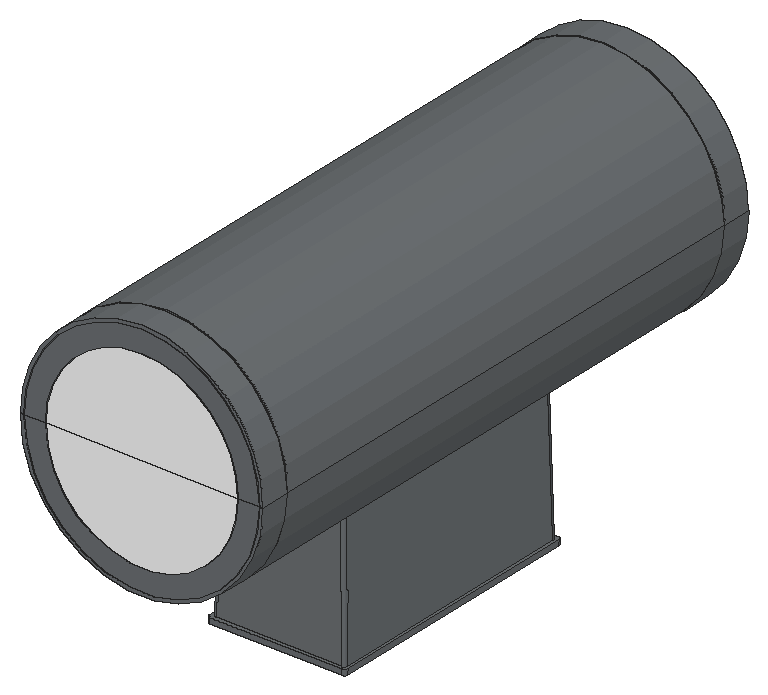
Revit family "Thorn CESAR AMP WALL", category Lighting Fixtures, host Face, Revit 2023
Family settings
  Host = Face
  Round Connector Dimension = Use Diameter
  Part Type = Normal
  Cut with Voids When Loaded = Yes
  Light Source = No
  Maintain Annotation Orientation = No
  Shared = No
  Room Calculation Point = Yes
Parameters (values of type "CESAR AMP M DWN 1L927MB HF ANT")
  Wattage = 18.6 W
  Up and Down = no
  URL = "https://www.thornlighting.com/96700073"
  Type Light Source Up = Thorn-Light Source-Cesar-Amp-Wall : CESAR AMP M DWN 1L927MB HF ANT_photometric_data
  Type Light Source Down = Thorn-Light Source-Cesar-Amp-Wall : CESAR AMP M DWN 1L927MB HF ANT_photometric_data
  Type Image = TLG_CESA_F_AMP_DWN_WB_ANT.jpg
  Type IFC Predefined Type = "DIRECTIONSOURCE"
  Power Factor = 1
  Model = "96700073"
  Material = Thorn-Aluminium-RAL 7016-Anthracite Grey
  Manufacturer = "Thorn Lighting"  # constant formula
  Luminaire Width = if(Housing S, 90 mm, if(Housing M, 140 mm, if(Housing L, 200 mm, 90 mm)))  # 140 mm
  Luminaire Length = if(Housing S, Luminaire Width + 55 mm, if(Housing M, Luminaire Width + 70 mm, if(Housing L, Luminaire Width + 75 mm, Luminaire Width + 55 mm)))  # 210 mm
  Luminaire Height = if(Housing S, 250 mm, if(Housing M, 350 mm, if(Housing L, 450 mm, 165 mm)))  # 350 mm
  Lamp = "LED"  # constant formula
  Housing S = no
  Housing M = yes
  Housing L = no
  R = 36 mm
  Export Type to IFC As = "IfcLightFixtureType"
  E = if(Housing S, 12 mm, if(Housing M, 17 mm, if(Housing L, 22 mm, 9 mm)))  # 17 mm
  Description = "Outdoor Wall Mounted Luminaire"  # constant formula
  Default Elevation = 1000 mm  # constant formula
  D = Luminaire Width / 2  # 70 mm
  Assembly Code = "Pr_70_70_48_17"
  Apparent Load = Wattage / Power Factor  # 18.6 VA
Reference planes
  plane 1 "Center (Front/Back)": y = 0
  plane 2: z = 0
  plane 3 "Center (Left/Right)": x = 0
  plane 4: x = -70
  plane 5: x = 70
  plane 6: y = 175
  plane 7: y = -175
  plane 8: z = 210
  plane 9: z = 140
Lines and regions (mm)
  Filled region 1, type "White"
    outline origin (0, 0, 0) x (1, 0, 0) y (0, 1, 0)
      loop
        line (-70, 175) -> (-70, -175) -> (70, -175) -> (70, 175) -> (-70, 175)
  model lines, style "InvisibleLines"
    curve 1: line (-275, 0, 0) -> (275, 0, 0)
    curve 2: line (0, 380, 0) -> (0, -380, 0)
  symbolic lines, visible <- "Up and Down"
    curve 3: line (70, 158, 0) -> (-70, 158, 0)
  symbolic lines
    curve 4: line (70, -158, 0) -> (-70, -158, 0)
Dimensions and locks
  equal spacing: plane 4, plane 3 "Center (Left/Right)", plane 5
  "Luminaire Width": plane 4 to plane 5
  equal spacing: plane 7, plane 1 "Center (Front/Back)", plane 6
  "Luminaire Height": plane 7 to plane 6
  "Luminaire Length": plane 8 to level
  "D": plane 8 to plane 9
  "E": plane 6 to curve 3
  "E": plane 7 to curve 4
  aligned and locked: plane 2 to host face
  aligned and locked: level to host face
  aligned and locked: plane 1 "Center (Front/Back)" to curve 1
  aligned and locked: curve 2 to plane 3 "Center (Left/Right)"
  aligned and locked: plane 3 "Center (Left/Right)" to nested 1
  aligned and locked: plane 1 "Center (Front/Back)" to nested 1
  aligned and locked: nested 3 to plane 9  (x2)
  aligned and locked: nested 2 to plane 9
  aligned and locked: plane 3 "Center (Left/Right)" to nested 2
  aligned and locked: nested 3 to plane 6
  aligned and locked: plane 9 to nested 3
  aligned and locked: plane 3 "Center (Left/Right)" to nested 3
  aligned and locked: nested 3 to plane 3 "Center (Left/Right)"
  aligned and locked: plane 7 to nested 2
  aligned and locked: Filled region 1 sketch curve to plane 6
  aligned and locked: plane 4 to Filled region 1 sketch curve
  aligned and locked: Filled region 1 sketch curve to plane 7
  aligned and locked: plane 5 to Filled region 1 sketch curve
Automatic sketch dimensions
  host sketch curve to host sketch curve = 2438.4 mm  (x2)
  curve 3 to plane 4 = 0 mm
  curve 4 to plane 4 = 0 mm
  curve 4 to plane 5 = 0 mm
  curve 3 to plane 5 = 0 mm
  curve 1 to plane 4 = 205 mm
  curve 1 to plane 5 = 205 mm
  plane 7 to curve 2 = 205 mm
  plane 6 to curve 2 = 205 mm
Nested families
  nested 1: "Thorn-Parts-CESAR AMP WALL-Housing" at (0, 0, 0), Up and Down <- "Up and Down", Material Housing <- "Material", Housing S <- "Housing S", Housing M <- "Housing M", Housing L <- "Housing L", type "00"
    with Up and Down no, Product ID Suffix "", Product ID "", NOT Up and Down yes, Material Housing Thorn-Aluminium-RAL 7016-Anthracite Grey, Housing S no, Housing M yes, Housing L no, H 140 mm, G 80 mm, F 156 mm, E 14.5 mm, D 17 mm, C 350 mm, B 140 mm, A 140 mm
  nested 2: "Thorn-Light Source-Cesar-Amp-Wall" at (0, -175, 140), type <- "Type Light Source Down", type "CESAR AMP M DWN 1L927MB HF ANT_photometric_data"
    with Reflector Direction Line Offset 600 mm, Light Distribution Offset 600 mm
  nested 3: "Thorn-Light Source-Cesar-Amp-Wall" at (0, 175, 140), type <- "Type Light Source Up", visible <- "Up and Down", type "CESAR AMP M DWN 1L927MB HF ANT_photometric_data"
    with Reflector Direction Line Offset 600 mm, Light Distribution Offset 600 mm
Connectors
  electrical at (0, 0, 0), driven by "Apparent Load", driven by "Power Factor"
    settings: index 1, voltage 230 V, apparent load 18.6 VA, apparent load phase1 0 VA, apparent load phase2 0 VA, apparent load phase3 0 VA, power factor 1, load classification "Lighting", number of poles 1, system type 30, power factor state 1, is connector primary yes, connector utility no, sub classification motor no, connector description ""
Definition of nested family "Thorn-Parts-CESAR AMP WALL-Housing"
  Parameters (values of type "00")
    Up and Down [instance] = yes
    Type IFC Predefined Type = "NOTDEFINED"
    Product ID Suffix [instance] = ""
    Product ID [instance] = ""
    NOT Up and Down [instance] = not(Up and Down)  # no
    Housing S [instance] = yes
    Material Housing [instance] = none
    Manufacturer = "Thorn Lighting"  # constant formula
    Housing M [instance] = no
    Housing L [instance] = no
    H [instance] = if(Housing S, B / 2 + 55 mm, if(Housing M, B / 2 + 70 mm, if(Housing L, B / 2 + 75 mm, B / 2 + 55 mm)))  # 100 mm
    G [instance] = if(Housing S, 75 mm, if(Housing M, 80 mm, if(Housing L, 97 mm, 75 mm)))  # 75 mm
    F [instance] = if(Housing S, 140 mm, if(Housing M, 156 mm, if(Housing L, 161 mm, 140 mm)))  # 140 mm
    Export Type to IFC As = "IfcLightFixtureType"
    E [instance] = if(Housing S, 9 mm, if(Housing M, 14.5 mm, if(Housing L, 20 mm, 9 mm)))  # 9 mm
    Default Elevation = 0 mm  # constant formula
    D [instance] = if(Housing S, 12 mm, if(Housing M, 17 mm, if(Housing L, 22 mm, 12 mm)))  # 12 mm
    C [instance] = if(Housing S, 250 mm, if(Housing M, 350 mm, if(Housing L, 450 mm, 165 mm)))  # 250 mm
    B [instance] = if(Housing S, 90 mm, if(Housing M, 140 mm, if(Housing L, 200 mm, 90 mm)))  # 90 mm
    A [instance] = B  # 90 mm
  Reference planes
    plane 1 "Center (Front/Back)": y = 0
    plane 2: z = 0
    plane 3 "Center (Left/Right)": x = 0
    plane 4: x = -45
    plane 5: x = 45
    plane 6: y = -125
    plane 7: z = 100
    plane 8: y = -113
    plane 9: x = -43
    plane 10: x = -36
    plane 11: y = 125
    plane 12: y = 113
    plane 13: y = 70
    plane 14: y = -70
    plane 15: x = -37.5
    plane 16: x = 37.5
    plane 17: x = -35.5
    plane 18: x = 35.5
    plane 19: y = 68
    plane 20: y = -68
  Forms (mm)
    Revolve 1, solid, material <- "Material Housing"
      sketch origin (0, 899.918, 100) x (-1, 0, 0) y (0, 1, 0)
        loop
          line (44, -1012.918) -> (44, -1011.918) -> (45, -1011.918) -> (45, -787.918) -> (44, -787.918) -> (44, -786.918) -> (42.974, -786.918) -> (42.974, -1012.918) -> (44, -1012.918)
        axis (0, -786.918) -> (0, -1012.918)
      angle from 0 to 360
    Revolve 2, solid, material <- "Material Housing", visible <- "NOT Up and Down"
      sketch origin (0, 899.918, 100) x (-1, 0, 0) y (0, 1, 0)
        loop
          line (0, -786.918) -> (45, -786.918) -> (45, -774.918) -> (0, -774.918) -> (0, -786.918)
        axis (0, -774.918) -> (0, -786.918)
      angle from 0 to 360
    Revolve 3, solid, material <- "Material Housing"
      sketch origin (0, 899.918, 100) x (-1, 0, 0) y (0, 1, 0)
        loop
          line (43, -1012.918) -> (43, -1024.918) -> (45, -1024.918) -> (45, -1012.918) -> (43, -1012.918)
        axis (0, -1012.918) -> (0, -1024.918)
      angle from 0 to 360
    Revolve 4, solid, material <- "Material Housing"
      sketch origin (0, 899.918, 100) x (-1, 0, 0) y (0, 1, 0)
        loop
          line (43, -1022.918) -> (36, -1022.918) -> (36, -1024.918) -> (43, -1024.918) -> (43, -1022.918)
        axis (0, -1022.918) -> (0, -1024.918)
      angle from 0 to 360
    Revolve 5, solid
      sketch origin (0, 899.918, 100) x (-1, 0, 0) y (0, 1, 0)
        loop
          line (0, -1022.918) -> (0, -1024.918) -> (36, -1024.918) -> (36, -1022.918) -> (0, -1022.918)
        axis (0, -1022.918) -> (0, -1024.918)
      angle from 0 to 360
    Revolve 6, solid, material <- "Material Housing", visible <- "Up and Down"
      sketch origin (0, 899.918, 100) x (-1, 0, 0) y (0, 1, 0)
        loop
          line (43, -786.918) -> (45, -786.918) -> (45, -774.918) -> (43, -774.918) -> (43, -786.918)
        axis (0, -786.918) -> (0, -774.918)
      angle from 0 to 360
    Revolve 7, solid, material <- "Material Housing", visible <- "Up and Down"
      sketch origin (0, 899.918, 100) x (-1, 0, 0) y (0, 1, 0)
        loop
          line (43, -776.918) -> (43, -774.918) -> (36, -774.918) -> (36, -776.918) -> (43, -776.918)
        axis (0, -776.918) -> (0, -774.918)
      angle from 0 to 360
    Revolve 8, solid, visible <- "Up and Down"
      sketch origin (0, 899.918, 100) x (-1, 0, 0) y (0, 1, 0)
        loop
          line (0, -776.918) -> (36, -776.918) -> (36, -774.918) -> (0, -774.918) -> (0, -776.918)
        axis (0, -776.918) -> (0, -774.918)
      angle from 0 to 360
    Blend 9, solid, material <- "Material Housing"
      base sketch origin (0, 0, 0) x (1, 0, 0) y (0, 1, 0)
        loop
          arc (-35.5, -66) -> (-34.914, -67.414) -> (-33.5, -68) r 2
          line (-33.5, -68) -> (33.5, -68)
          arc (33.5, -68) -> (34.914, -67.414) -> (35.5, -66) r 2
          line (35.5, -66) -> (35.5, 66)
          arc (35.5, 66) -> (34.914, 67.414) -> (33.5, 68) r 2
          line (33.5, 68) -> (-33.5, 68)
          arc (-33.5, 68) -> (-34.914, 67.414) -> (-35.5, 66) r 2
          line (-35.5, 66) -> (-35.5, -66)
      top sketch origin (0, 0, 0) x (1, 0, 0) y (0, 1, 0)
        loop
          line (-32.5, 63) -> (-32.5, -63)
          arc (-32.5, -63) -> (-31.914, -64.414) -> (-30.5, -65) r 2
          line (-30.5, -65) -> (30.5, -65)
          arc (30.5, -65) -> (31.914, -64.414) -> (32.5, -63) r 2
          line (32.5, -63) -> (32.5, 63)
          arc (32.5, 63) -> (31.914, 64.414) -> (30.5, 65) r 2
          line (30.5, 65) -> (-30.5, 65)
          arc (-30.5, 65) -> (-31.914, 64.414) -> (-32.5, 63) r 2
      from 3 to 100
    Extrusion 10, solid, material <- "Material Housing"
      sketch origin (0, 0, 0) x (1, 0, 0) y (0, 1, 0)
        loop
          arc (-35.5, 70) -> (-36.914, 69.414) -> (-37.5, 68) r 2
          line (-37.5, 68) -> (-37.5, -68)
          arc (-37.5, -68) -> (-36.914, -69.414) -> (-35.5, -70) r 2
          line (-35.5, -70) -> (35.5, -70)
          arc (35.5, -70) -> (36.914, -69.414) -> (37.5, -68) r 2
          line (37.5, -68) -> (37.5, 68)
          arc (37.5, 68) -> (36.914, 69.414) -> (35.5, 70) r 2
          line (35.5, 70) -> (-35.5, 70)
      from 0 to 3
  Cuts and joins
    joined: Revolve 1, Blend 9
  Dimensions and locks
    equal spacing: plane 4, plane 3 "Center (Left/Right)", plane 5
    "B": plane 4 to plane 5
    "D": plane 8 to plane 6
    locked: plane 4 to plane 9 at 2
    "E": plane 4 to plane 10
    "D": plane 11 to plane 12
    equal spacing: plane 11, plane 1 "Center (Front/Back)", plane 6
    "C": plane 11 to plane 6
    equal spacing: plane 14, plane 1 "Center (Front/Back)", plane 13
    "F": plane 14 to plane 13
    "H": plane 7 to level
    locked: plane 14 to plane 20 at 2
    locked: plane 13 to plane 19 at 2
    equal spacing: plane 15, plane 3 "Center (Left/Right)", plane 16
    "G": plane 15 to plane 16
    locked: plane 15 to plane 17 at 2
    locked: plane 18 to plane 16 at 2
    aligned and locked: level to plane 2
    aligned and locked: plane 8 to Revolve 1 sketch curve
    aligned and locked: Revolve 1 sketch curve to plane 3 "Center (Left/Right)"
    aligned and locked: Revolve 3 sketch curve to plane 4
    aligned and locked: plane 4 to Revolve 2 sketch curve
    aligned and locked: plane 9 to Revolve 3 sketch curve
    aligned and locked: plane 9 to Revolve 4 sketch curve
    aligned and locked: Revolve 4 sketch curve to plane 10
    aligned and locked: Revolve 5 sketch curve to Revolve 5 sketch curve
    aligned and locked: Revolve 5 sketch curve to plane 10
    aligned and locked: plane 11 to Revolve 2 sketch curve
    aligned and locked: plane 12 to Revolve 2 sketch curve
    aligned and locked: plane 12 to Revolve 1 sketch curve
    aligned and locked: Revolve 8 sketch curve to Revolve 8 sketch curve
    aligned and locked: plane 12 to Revolve 6 sketch curve
    aligned and locked: plane 11 to Revolve 6 sketch curve
    aligned and locked: plane 4 to Revolve 6 sketch curve
    aligned and locked: Revolve 6 sketch curve to plane 9
    aligned and locked: Revolve 7 sketch curve to plane 9
    aligned and locked: plane 10 to Revolve 7 sketch curve
    aligned and locked: plane 10 to Revolve 8 sketch curve
    aligned and locked: Revolve 8 sketch curve to plane 3 "Center (Left/Right)"
    aligned and locked: Blend 9 sketch curve to plane 17
    aligned and locked: Blend 9 sketch curve to plane 19
    aligned and locked: plane 18 to Blend 9 sketch curve
    aligned and locked: plane 20 to Blend 9 sketch curve
    aligned and locked: Blend 9 to plane 7
    aligned and locked: Extrusion 10 sketch curve to plane 13
    aligned and locked: Extrusion 10 sketch curve to plane 15
    aligned and locked: Extrusion 10 sketch curve to plane 14
    aligned and locked: Extrusion 10 sketch curve to plane 16
  Automatic sketch dimensions
    Revolve 1 sketch curve to plane 4 = 0 mm
    Revolve 1 sketch curve to plane 9 = 0.026 mm
    Revolve 1 sketch curve to plane 4 = 1 mm
    Revolve 1 sketch curve to Revolve 1 sketch curve = 1 mm  (x2)
    plane 12 to Revolve 1 sketch curve = 1 mm
    plane 6 to Revolve 1 sketch curve = 1835 mm
    plane 11 to Revolve 1 sketch curve = 1917.5 mm
    Revolve 2 sketch curve to plane 3 "Center (Left/Right)" = 0 mm  (x2)
    plane 6 to Revolve 2 sketch curve = 1835 mm
    Revolve 2 sketch curve to Revolve 2 sketch curve = 1917.5 mm
    Revolve 3 sketch curve to plane 3 "Center (Left/Right)" = 0 mm
    Revolve 3 sketch curve to plane 6 = 0 mm
    Revolve 3 sketch curve to plane 8 = 0 mm
    plane 6 to Revolve 3 sketch curve = 1835 mm
    plane 11 to Revolve 3 sketch curve = 1917.5 mm
    Revolve 4 sketch curve to plane 3 "Center (Left/Right)" = 0 mm
    Revolve 4 sketch curve to plane 6 = 0 mm
    Revolve 4 sketch curve to plane 6 = 2 mm
    plane 6 to Revolve 4 sketch curve = 1835 mm
    plane 11 to Revolve 4 sketch curve = 1917.5 mm
    Revolve 5 sketch curve to plane 3 "Center (Left/Right)" = 0 mm
    Revolve 5 sketch curve to plane 6 = 0 mm
    Revolve 5 sketch curve to plane 6 = 2 mm
    Revolve 5 sketch curve to Revolve 5 sketch curve = 1835 mm
    plane 11 to Revolve 5 sketch curve = 1917.5 mm
    Revolve 6 sketch curve to plane 3 "Center (Left/Right)" = 0 mm
    plane 6 to Revolve 6 sketch curve = 1917.5 mm
    plane 11 to Revolve 6 sketch curve = 1835 mm
    Revolve 7 sketch curve to plane 3 "Center (Left/Right)" = 0 mm
    plane 11 to Revolve 7 sketch curve = 0 mm
    Revolve 7 sketch curve to plane 11 = 2 mm
    plane 6 to Revolve 7 sketch curve = 1917.5 mm
    plane 11 to Revolve 7 sketch curve = 1835 mm
    plane 11 to Revolve 8 sketch curve = 0 mm
    Revolve 8 sketch curve to plane 11 = 2 mm
    plane 6 to Revolve 8 sketch curve = 1917.5 mm
    Revolve 8 sketch curve to Revolve 8 sketch curve = 1835 mm
    Blend 9 sketch curve to Blend 9 sketch curve = 2 mm  (x4)
    Blend 9 sketch curve to plane 17 = 2 mm
    Blend 9 sketch curve to plane 18 = 2 mm
    Blend 9 sketch curve to plane 17 = 3 mm
    Blend 9 sketch curve to plane 19 = 3 mm
    Blend 9 sketch curve to plane 17 = 5 mm
    Blend 9 sketch curve to plane 18 = 5 mm  (x2)
    Blend 9 sketch curve to plane 20 = 5 mm
    Extrusion 10 sketch curve to plane 17 = 0 mm  (x2)
    Extrusion 10 sketch curve to plane 18 = 0 mm  (x2)
Definition of nested family "Thorn-Light Source-Cesar-Amp-Wall"
  Parameters (values of type "CESAR AMP L U/D 2L927FM HFX ANT_photometric_data_UP")
    URL = "/"
    Type Comments = "/"
    Reflector Direction Line Offset [instance] = 600 mm
    Model = "96700121"
    Light Distribution Offset [instance] = 600 mm
    Wattage = 68.8 W
    built-in parameter 1150110 = 1 (stored number, unit not read)
    built-in parameter 1114217 = 1 (stored number, unit not read)
    Tilt Angle = -90.00°  # constant formula
    built-in parameter 1150109 = 1 (stored number, unit not read)
    built-in parameter 1150134 = (empty or 0)
    built-in parameter 1150113 = 1 (stored number, unit not read)
    Power Factor = 1
    Photometric Web File = "96700121_(STD)_Up.IES"
    Manufacturer = "Thorn Lighting"  # constant formula
    Lumens = 4820 lm
    built-in parameter 1150115 = 1 (stored number, unit not read)
    built-in parameter 1150105 = 167.21 (stored number, unit not read)
    built-in parameter 1150137 = (empty or 0)
    built-in parameter 1150139 = (empty or 0)
    built-in parameter 1150112 = 1 (stored number, unit not read)
    built-in parameter 1150114 = 1 (stored number, unit not read)
    Lamp = "LED"
    Keynote = "/"
    built-in parameter 1150132 = 2
    built-in parameter 1150102 = (empty or 0)
    built-in parameter 1150138 = (empty or 0)
    built-in parameter 1150107 = 2700 (stored number, unit not read)
    built-in parameter 1150106 = 1.6721 (stored number, unit not read)
    built-in parameter 1150104 = 6.5032 (stored number, unit not read)
    Dimming Lamp Color Temperature Shift = (empty or 0)
    Description = "Light Source"  # constant formula
    Default Elevation = 0 mm  # constant formula
    Color Filter = 16777215
    built-in parameter 1114218 = 1 (stored number, unit not read)
    built-in parameter 1150133 = 10 (stored number, unit not read)
    Apparent Load = 21.25 VA
  Types (180, lengths in mm): name | Model | Wattage | Photometric Web File | Lumens | built-in parameter 1150107 | built-in parameter 1150104
    CESAR AMP S DWN 1 L927 WB RD WH_photometric_data | "96701186" | 8.8 W | "96701186_(STD).IES" | 430 lm | 2700 (stored number, unit not read) | 4.5522 (stored number, unit not read)
    CESAR AMP S DWN 1L927WB HF ANT_photometric_data | "96700037" | 8.8 W | "96700037_(STD).IES" | 430 lm | 2700 (stored number, unit not read) | 4.5522 (stored number, unit not read)
    CESAR AMP S DWN 1L927WB HF BK_photometric_data | "96700035" | 8.8 W | "96700035_(STD).IES" | 430 lm | 2700 (stored number, unit not read) | 4.5522 (stored number, unit not read)
    CESAR AMP S DWN 1L927WB HF GY_photometric_data | "96700036" | 8.8 W | "96700036_(STD).IES" | 430 lm | 2700 (stored number, unit not read) | 4.5522 (stored number, unit not read)
    CESAR AMP S DWN 1L927WB RD ANT_photometric_data | "96701189" | 8.8 W | "96701189_(STD).IES" | 430 lm | 2700 (stored number, unit not read) | 4.5522 (stored number, unit not read)
    CESAR AMP S DWN 1L927WB RD BK_photometric_data | "96701187" | 8.8 W | "96701187_(STD).IES" | 430 lm | 2700 (stored number, unit not read) | 4.5522 (stored number, unit not read)
    CESAR AMP S DWN 1L927WB RD GY_photometric_data | "96701188" | 8.8 W | "96701188_(STD).IES" | 430 lm | 2700 (stored number, unit not read) | 4.5522 (stored number, unit not read)
    CESAR AMP S DWN 1L927WBHF WH_photometric_data | "96700034" | 8.8 W | "96700034_(STD).IES" | 430 lm | 2700 (stored number, unit not read) | 4.5522 (stored number, unit not read)
    CESAR AMP S DWN 1L930WB HF ANT_photometric_data | "96700045" | 8.8 W | "96700045_(STD).IES" | 452 lm | 3000 (stored number, unit not read) | 4.7381 (stored number, unit not read)
    CESAR AMP S DWN 1L930WB HF BK_photometric_data | "96700043" | 8.8 W | "96700043_(STD).IES" | 452 lm | 3000 (stored number, unit not read) | 4.7381 (stored number, unit not read)
    CESAR AMP S DWN 1L930WB HF GY_photometric_data | "96700044" | 8.8 W | "96700044_(STD).IES" | 452 lm | 3000 (stored number, unit not read) | 4.7381 (stored number, unit not read)
    CESAR AMP S DWN 1L930WB HF WH_photometric_data | "96700042" | 8.8 W | "96700042_(STD).IES" | 452 lm | 3000 (stored number, unit not read) | 4.7381 (stored number, unit not read)
    CESAR AMP S DWN 1L930WB RD ANT_photometric_data | "96701197" | 8.8 W | "96701197_(STD).IES" | 452 lm | 3000 (stored number, unit not read) | 4.7381 (stored number, unit not read)
    CESAR AMP S DWN 1L930WB RD BK_photometric_data | "96701195" | 8.8 W | "96701195_(STD).IES" | 452 lm | 3000 (stored number, unit not read) | 4.7381 (stored number, unit not read)
    CESAR AMP S DWN 1L930WB RD GY_photometric_data | "96701196" | 8.8 W | "96701196_(STD).IES" | 452 lm | 3000 (stored number, unit not read) | 4.7381 (stored number, unit not read)
    CESAR AMP S DWN 1L930WB RD WH_photometric_data | "96701194" | 8.8 W | "96701194_(STD).IES" | 452 lm | 3000 (stored number, unit not read) | 4.7381 (stored number, unit not read)
    CESAR AMP S DWN 1L940WB HF ANT_photometric_data | "96700041" | 8.8 W | "96700041_(STD).IES" | 483 lm | 4000 (stored number, unit not read) | 5.1097 (stored number, unit not read)
    CESAR AMP S DWN 1L940WB HF BK_photometric_data | "96700039" | 8.8 W | "96700039_(STD).IES" | 483 lm | 4000 (stored number, unit not read) | 5.1097 (stored number, unit not read)
    CESAR AMP S DWN 1L940WB HF GY_photometric_data | "96700040" | 8.8 W | "96700040_(STD).IES" | 483 lm | 4000 (stored number, unit not read) | 5.1097 (stored number, unit not read)
    CESAR AMP S DWN 1L940WB HF WH_photometric_data | "96700038" | 8.8 W | "96700038_(STD).IES" | 483 lm | 4000 (stored number, unit not read) | 5.1097 (stored number, unit not read)
    CESAR AMP S DWN 1L940WB RD ANT_photometric_data | "96701193" | 8.8 W | "96701193_(STD).IES" | 483 lm | 4000 (stored number, unit not read) | 5.1097 (stored number, unit not read)
    CESAR AMP S DWN 1L940WB RD BK_photometric_data | "96701191" | 8.8 W | "96701191_(STD).IES" | 483 lm | 4000 (stored number, unit not read) | 5.1097 (stored number, unit not read)
    CESAR AMP S DWN 1L940WB RD GY_photometric_data | "96701192" | 8.8 W | "96701192_(STD).IES" | 483 lm | 4000 (stored number, unit not read) | 5.1097 (stored number, unit not read)
    CESAR AMP S DWN 1L940WB RD WH_photometric_data | "96701190" | 8.8 W | "96701190_(STD).IES" | 483 lm | 4000 (stored number, unit not read) | 5.1097 (stored number, unit not read)
    CESAR AMP S U/D 2L927WB HF ANT_photometric_data_UP | "96700049" | 15.3 W | "96700049_(STD)_Up.IES" | 860 lm | 2700 (stored number, unit not read) | 5.2026 (stored number, unit not read)
    CESAR AMP S U/D 2L927WB HF ANT_photometric_data_DOWN | "96700049" | 15.3 W | "96700049_(STD)_Down.IES" | 860 lm | 2700 (stored number, unit not read) | 5.2026 (stored number, unit not read)
    CESAR AMP S U/D 2L927WB HF BK_photometric_data_UP | "96700047" | 15.3 W | "96700047_(STD)_Up.IES" | 860 lm | 2700 (stored number, unit not read) | 5.2026 (stored number, unit not read)
    CESAR AMP S U/D 2L927WB HF BK_photometric_data_DOWN | "96700047" | 15.3 W | "96700047_(STD)_Down.IES" | 860 lm | 2700 (stored number, unit not read) | 5.2026 (stored number, unit not read)
    CESAR AMP S U/D 2L927WB HF GY_photometric_data_UP | "96700048" | 15.3 W | "96700048_(STD)_Up.IES" | 860 lm | 2700 (stored number, unit not read) | 5.2026 (stored number, unit not read)
    CESAR AMP S U/D 2L927WB HF GY_photometric_data_DOWN | "96700048" | 15.3 W | "96700048_(STD)_Down.IES" | 860 lm | 2700 (stored number, unit not read) | 5.2026 (stored number, unit not read)
    CESAR AMP S U/D 2L927WB HF WH_photometric_data_UP | "96700046" | 15.3 W | "96700046_(STD)_Up.IES" | 860 lm | 2700 (stored number, unit not read) | 5.2026 (stored number, unit not read)
    CESAR AMP S U/D 2L927WB HF WH_photometric_data_DOWN | "96700046" | 15.3 W | "96700046_(STD)_Down.IES" | 860 lm | 2700 (stored number, unit not read) | 5.2026 (stored number, unit not read)
    CESAR AMP S U/D 2L927WB RD ANT_photometric_data_UP | "96701201" | 15.3 W | "96701201_(STD)_Up.IES" | 860 lm | 2700 (stored number, unit not read) | 5.2026 (stored number, unit not read)
    CESAR AMP S U/D 2L927WB RD ANT_photometric_data_DOWN | "96701201" | 15.3 W | "96701201_(STD)_Down.IES" | 860 lm | 2700 (stored number, unit not read) | 5.2026 (stored number, unit not read)
    CESAR AMP S U/D 2L927WB RD BK_photometric_data_UP | "96701199" | 15.3 W | "96701199_(STD)_Up.IES" | 860 lm | 2700 (stored number, unit not read) | 5.2026 (stored number, unit not read)
    CESAR AMP S U/D 2L927WB RD BK_photometric_data_DOWN | "96701199" | 15.3 W | "96701199_(STD)_Down.IES" | 860 lm | 2700 (stored number, unit not read) | 5.2026 (stored number, unit not read)
    CESAR AMP S U/D 2L927WB RD GY_photometric_data_UP | "96701200" | 15.3 W | "96701200_(STD)_Up.IES" | 860 lm | 2700 (stored number, unit not read) | 5.2026 (stored number, unit not read)
    CESAR AMP S U/D 2L927WB RD GY_photometric_data_DOWN | "96701200" | 15.3 W | "96701200_(STD)_Down.IES" | 860 lm | 2700 (stored number, unit not read) | 5.2026 (stored number, unit not read)
    CESAR AMP S U/D 2L927WB RD WH_photometric_data_UP | "96701198" | 15.3 W | "96701198_(STD)_Up.IES" | 860 lm | 2700 (stored number, unit not read) | 5.2026 (stored number, unit not read)
    CESAR AMP S U/D 2L927WB RD WH_photometric_data_DOWN | "96701198" | 15.3 W | "96701198_(STD)_Down.IES" | 860 lm | 2700 (stored number, unit not read) | 5.2026 (stored number, unit not read)
    CESAR AMP S U/D 2L930WB HF ANT_photometric_data_UP | "96700057" | 15.3 W | "96700057_(STD)_Up.IES" | 904 lm | 3000 (stored number, unit not read) | 5.4813 (stored number, unit not read)
    CESAR AMP S U/D 2L930WB HF ANT_photometric_data_DOWN | "96700057" | 15.3 W | "96700057_(STD)_Down.IES" | 904 lm | 3000 (stored number, unit not read) | 5.4813 (stored number, unit not read)
    CESAR AMP S U/D 2L930WB HF BK_photometric_data_UP | "96700055" | 15.3 W | "96700055_(STD)_Up.IES" | 904 lm | 3000 (stored number, unit not read) | 5.4813 (stored number, unit not read)
    CESAR AMP S U/D 2L930WB HF BK_photometric_data_DOWN | "96700055" | 15.3 W | "96700055_(STD)_Down.IES" | 904 lm | 3000 (stored number, unit not read) | 5.4813 (stored number, unit not read)
    CESAR AMP S U/D 2L930WB HF GY_photometric_data_UP | "96700056" | 15.3 W | "96700056_(STD)_Up.IES" | 904 lm | 3000 (stored number, unit not read) | 5.4813 (stored number, unit not read)
    CESAR AMP S U/D 2L930WB HF GY_photometric_data_DOWN | "96700056" | 15.3 W | "96700056_(STD)_Down.IES" | 904 lm | 3000 (stored number, unit not read) | 5.4813 (stored number, unit not read)
    CESAR AMP S U/D 2L930WB HF WH_photometric_data_UP | "96700054" | 15.3 W | "96700054_(STD)_Up.IES" | 904 lm | 3000 (stored number, unit not read) | 5.4813 (stored number, unit not read)
    CESAR AMP S U/D 2L930WB HF WH_photometric_data_DOWN | "96700054" | 15.3 W | "96700054_(STD)_Down.IES" | 904 lm | 3000 (stored number, unit not read) | 5.4813 (stored number, unit not read)
    CESAR AMP S U/D 2L930WB RD ANT_photometric_data_UP | "96701209" | 15.3 W | "96701209_(STD)_Up.IES" | 904 lm | 3000 (stored number, unit not read) | 5.4813 (stored number, unit not read)
    CESAR AMP S U/D 2L930WB RD ANT_photometric_data_DOWN | "96701209" | 15.3 W | "96701209_(STD)_Down.IES" | 904 lm | 3000 (stored number, unit not read) | 5.4813 (stored number, unit not read)
    CESAR AMP S U/D 2L930WB RD BK_photometric_data_UP | "96701207" | 15.3 W | "96701207_(STD)_Up.IES" | 904 lm | 3000 (stored number, unit not read) | 5.4813 (stored number, unit not read)
    CESAR AMP S U/D 2L930WB RD BK_photometric_data_DOWN | "96701207" | 15.3 W | "96701207_(STD)_Down.IES" | 904 lm | 3000 (stored number, unit not read) | 5.4813 (stored number, unit not read)
    CESAR AMP S U/D 2L930WB RD GY_photometric_data_UP | "96701208" | 15.3 W | "96701208_(STD)_Up.IES" | 904 lm | 3000 (stored number, unit not read) | 5.4813 (stored number, unit not read)
    CESAR AMP S U/D 2L930WB RD GY_photometric_data_DOWN | "96701208" | 15.3 W | "96701208_(STD)_Down.IES" | 904 lm | 3000 (stored number, unit not read) | 5.4813 (stored number, unit not read)
    CESAR AMP S U/D 2L930WB RD WH_photometric_data_UP | "96701206" | 15.3 W | "96701206_(STD)_Up.IES" | 904 lm | 3000 (stored number, unit not read) | 5.4813 (stored number, unit not read)
    CESAR AMP S U/D 2L930WB RD WH_photometric_data_DOWN | "96701206" | 15.3 W | "96701206_(STD)_Down.IES" | 904 lm | 3000 (stored number, unit not read) | 5.4813 (stored number, unit not read)
    CESAR AMP S U/D 2L940WB HF ANT_photometric_data_UP | "96700053" | 15.3 W | "96700053_(STD)_Up.IES" | 966 lm | 4000 (stored number, unit not read) | 5.8529 (stored number, unit not read)
    CESAR AMP S U/D 2L940WB HF ANT_photometric_data_DOWN | "96700053" | 15.3 W | "96700053_(STD)_Down.IES" | 966 lm | 4000 (stored number, unit not read) | 5.8529 (stored number, unit not read)
    CESAR AMP S U/D 2L940WB HF BK_photometric_data_UP | "96700051" | 15.3 W | "96700051_(STD)_Up.IES" | 966 lm | 4000 (stored number, unit not read) | 5.8529 (stored number, unit not read)
    CESAR AMP S U/D 2L940WB HF BK_photometric_data_DOWN | "96700051" | 15.3 W | "96700051_(STD)_Down.IES" | 966 lm | 4000 (stored number, unit not read) | 5.8529 (stored number, unit not read)
    CESAR AMP S U/D 2L940WB HF GY_photometric_data_UP | "96700052" | 15.3 W | "96700052_(STD)_Up.IES" | 966 lm | 4000 (stored number, unit not read) | 5.8529 (stored number, unit not read)
    CESAR AMP S U/D 2L940WB HF GY_photometric_data_DOWN | "96700052" | 15.3 W | "96700052_(STD)_Down.IES" | 966 lm | 4000 (stored number, unit not read) | 5.8529 (stored number, unit not read)
    CESAR AMP S U/D 2L940WB HF WH_photometric_data_UP | "96700050" | 15.3 W | "96700050_(STD)_Up.IES" | 966 lm | 4000 (stored number, unit not read) | 5.8529 (stored number, unit not read)
    CESAR AMP S U/D 2L940WB HF WH_photometric_data_DOWN | "96700050" | 15.3 W | "96700050_(STD)_Down.IES" | 966 lm | 4000 (stored number, unit not read) | 5.8529 (stored number, unit not read)
    CESAR AMP S U/D 2L940WB RD ANT_photometric_data_UP | "96701205" | 15.3 W | "96701205_(STD)_Up.IES" | 966 lm | 4000 (stored number, unit not read) | 5.8529 (stored number, unit not read)
    CESAR AMP S U/D 2L940WB RD ANT_photometric_data_DOWN | "96701205" | 15.3 W | "96701205_(STD)_Down.IES" | 966 lm | 4000 (stored number, unit not read) | 5.8529 (stored number, unit not read)
    CESAR AMP S U/D 2L940WB RD BK_photometric_data_UP | "96701203" | 15.3 W | "96701203_(STD)_Up.IES" | 966 lm | 4000 (stored number, unit not read) | 5.8529 (stored number, unit not read)
    CESAR AMP S U/D 2L940WB RD BK_photometric_data_DOWN | "96701203" | 15.3 W | "96701203_(STD)_Down.IES" | 966 lm | 4000 (stored number, unit not read) | 5.8529 (stored number, unit not read)
    CESAR AMP S U/D 2L940WB RD GY_photometric_data_UP | "96701204" | 15.3 W | "96701204_(STD)_Up.IES" | 966 lm | 4000 (stored number, unit not read) | 5.8529 (stored number, unit not read)
    CESAR AMP S U/D 2L940WB RD GY_photometric_data_DOWN | "96701204" | 15.3 W | "96701204_(STD)_Down.IES" | 966 lm | 4000 (stored number, unit not read) | 5.8529 (stored number, unit not read)
    CESAR AMP S U/D 2L940WB RD WH_photometric_data_UP | "96701202" | 15.3 W | "96701202_(STD)_Up.IES" | 966 lm | 4000 (stored number, unit not read) | 5.8529 (stored number, unit not read)
    CESAR AMP S U/D 2L940WB RD WH_photometric_data_DOWN | "96701202" | 15.3 W | "96701202_(STD)_Down.IES" | 966 lm | 4000 (stored number, unit not read) | 5.8529 (stored number, unit not read)
    CESAR AMP M DWN 1L927MB HF ANT_photometric_data | "96700073" | 18.6 W | "96700073_(STD).IES" | 1142 lm | 2700 (stored number, unit not read) | 5.6671 (stored number, unit not read)
    CESAR AMP M DWN 1L927MB HF BK_photometric_data | "96700071" | 18.6 W | "96700071_(STD).IES" | 1142 lm | 2700 (stored number, unit not read) | 5.6671 (stored number, unit not read)
    CESAR AMP M DWN 1L927MB HF GY_photometric_data | "96700072" | 18.6 W | "96700072_(STD).IES" | 1142 lm | 2700 (stored number, unit not read) | 5.6671 (stored number, unit not read)
    CESAR AMP M DWN 1L927MB HF WH_photometric_data | "96700070" | 18.6 W | "96700070_(STD).IES" | 1142 lm | 2700 (stored number, unit not read) | 5.6671 (stored number, unit not read)
    CESAR AMP M DWN 1L927MB RD ANT_photometric_data | "96701225" | 18.6 W | "96701225_(STD).IES" | 1142 lm | 2700 (stored number, unit not read) | 5.6671 (stored number, unit not read)
    CESAR AMP M DWN 1L927MB RD BK_photometric_data | "96701223" | 18.6 W | "96701223_(STD).IES" | 1142 lm | 2700 (stored number, unit not read) | 5.6671 (stored number, unit not read)
    CESAR AMP M DWN 1L927MB RD GY_photometric_data | "96701224" | 18.6 W | "96701224_(STD).IES" | 1142 lm | 2700 (stored number, unit not read) | 5.6671 (stored number, unit not read)
    CESAR AMP M DWN 1L927MB RD WH_photometric_data | "96701222" | 18.6 W | "96701222_(STD).IES" | 1142 lm | 2700 (stored number, unit not read) | 5.6671 (stored number, unit not read)
    CESAR AMP M DWN 1L930MB HF ANT_photometric_data | "96700081" | 18.6 W | "96700081_(STD).IES" | 1203 lm | 3000 (stored number, unit not read) | 6.0387 (stored number, unit not read)
    CESAR AMP M DWN 1L930MB HF BK_photometric_data | "96700079" | 18.6 W | "96700079_(STD).IES" | 1203 lm | 3000 (stored number, unit not read) | 6.0387 (stored number, unit not read)
    CESAR AMP M DWN 1L930MB HF GY_photometric_data | "96700080" | 18.6 W | "96700080_(STD).IES" | 1203 lm | 3000 (stored number, unit not read) | 6.0387 (stored number, unit not read)
    CESAR AMP M DWN 1L930MB HF WH_photometric_data | "96700078" | 18.6 W | "96700078_(STD).IES" | 1203 lm | 3000 (stored number, unit not read) | 6.0387 (stored number, unit not read)
    CESAR AMP M DWN 1L930MB RD ANT_photometric_data | "96701233" | 18.6 W | "96701233_(STD).IES" | 1203 lm | 3000 (stored number, unit not read) | 6.0387 (stored number, unit not read)
    CESAR AMP M DWN 1L930MB RD BK_photometric_data | "96701231" | 18.6 W | "96701231_(STD).IES" | 1203 lm | 3000 (stored number, unit not read) | 6.0387 (stored number, unit not read)
    CESAR AMP M DWN 1L930MB RD GY_photometric_data | "96701232" | 18.6 W | "96701232_(STD).IES" | 1203 lm | 3000 (stored number, unit not read) | 6.0387 (stored number, unit not read)
    CESAR AMP M DWN 1L930MB RD WH_photometric_data | "96701230" | 18.6 W | "96701230_(STD).IES" | 1203 lm | 3000 (stored number, unit not read) | 6.0387 (stored number, unit not read)
    CESAR AMP M DWN 1L940MB HF ANT_photometric_data | "96700077" | 18.6 W | "96700077_(STD).IES" | 1238 lm | 4000 (stored number, unit not read) | 6.2245 (stored number, unit not read)
    CESAR AMP M DWN 1L940MB HF BK_photometric_data | "96700075" | 18.6 W | "96700075_(STD).IES" | 1238 lm | 4000 (stored number, unit not read) | 6.2245 (stored number, unit not read)
    CESAR AMP M DWN 1L940MB HF GY_photometric_data | "96700076" | 18.6 W | "96700076_(STD).IES" | 1238 lm | 4000 (stored number, unit not read) | 6.2245 (stored number, unit not read)
    CESAR AMP M DWN 1L940MB HF WH_photometric_data | "96700074" | 18.6 W | "96700074_(STD).IES" | 1238 lm | 4000 (stored number, unit not read) | 6.2245 (stored number, unit not read)
    CESAR AMP M DWN 1L940MB RD ANT_photometric_data | "96701229" | 18.6 W | "96701229_(STD).IES" | 1238 lm | 4000 (stored number, unit not read) | 6.2245 (stored number, unit not read)
    CESAR AMP M DWN 1L940MB RD BK_photometric_data | "96701227" | 18.6 W | "96701227_(STD).IES" | 1238 lm | 4000 (stored number, unit not read) | 6.2245 (stored number, unit not read)
    CESAR AMP M DWN 1L940MB RD GY_photometric_data | "96701228" | 18.6 W | "96701228_(STD).IES" | 1238 lm | 4000 (stored number, unit not read) | 6.2245 (stored number, unit not read)
    CESAR AMP M DWN 1L940MB RD WH_photometric_data | "96701226" | 18.6 W | "96701226_(STD).IES" | 1238 lm | 4000 (stored number, unit not read) | 6.2245 (stored number, unit not read)
    CESAR AMP M U/D 2L927MB HF ANT_photometric_data_UP | "96700085" | 37 W | "96700085_(STD)_Up.IES" | 2284 lm | 2700 (stored number, unit not read) | 5.76 (stored number, unit not read)
    CESAR AMP M U/D 2L927MB HF ANT_photometric_data_DOWN | "96700085" | 37 W | "96700085_(STD)_Down.IES" | 2284 lm | 2700 (stored number, unit not read) | 5.76 (stored number, unit not read)
    CESAR AMP M U/D 2L927MB HF BK_photometric_data_UP | "96700083" | 37 W | "96700083_(STD)_Up.IES" | 2284 lm | 2700 (stored number, unit not read) | 5.76 (stored number, unit not read)
    CESAR AMP M U/D 2L927MB HF BK_photometric_data_DOWN | "96700083" | 37 W | "96700083_(STD)_Down.IES" | 2284 lm | 2700 (stored number, unit not read) | 5.76 (stored number, unit not read)
    CESAR AMP M U/D 2L927MB HF GY_photometric_data_UP | "96700084" | 37 W | "96700084_(STD)_Up.IES" | 2284 lm | 2700 (stored number, unit not read) | 5.76 (stored number, unit not read)
    CESAR AMP M U/D 2L927MB HF GY_photometric_data_DOWN | "96700084" | 37 W | "96700084_(STD)_Down.IES" | 2284 lm | 2700 (stored number, unit not read) | 5.76 (stored number, unit not read)
    CESAR AMP M U/D 2L927MB HF WH_photometric_data_UP | "96700082" | 37 W | "96700082_(STD)_Up.IES" | 2284 lm | 2700 (stored number, unit not read) | 5.76 (stored number, unit not read)
    CESAR AMP M U/D 2L927MB HF WH_photometric_data_DOWN | "96700082" | 37 W | "96700082_(STD)_Down.IES" | 2284 lm | 2700 (stored number, unit not read) | 5.76 (stored number, unit not read)
    CESAR AMP M U/D 2L927MB RD ANT_photometric_data_UP | "96701237" | 37 W | "96701237_(STD)_Up.IES" | 2284 lm | 2700 (stored number, unit not read) | 5.76 (stored number, unit not read)
    CESAR AMP M U/D 2L927MB RD ANT_photometric_data_DOWN | "96701237" | 37 W | "96701237_(STD)_Down.IES" | 2284 lm | 2700 (stored number, unit not read) | 5.76 (stored number, unit not read)
    CESAR AMP M U/D 2L927MB RD BK_photometric_data_UP | "96701235" | 37 W | "96701235_(STD)_Up.IES" | 2284 lm | 2700 (stored number, unit not read) | 5.76 (stored number, unit not read)
    CESAR AMP M U/D 2L927MB RD BK_photometric_data_DOWN | "96701235" | 37 W | "96701235_(STD)_Down.IES" | 2284 lm | 2700 (stored number, unit not read) | 5.76 (stored number, unit not read)
    CESAR AMP M U/D 2L927MB RD GY_photometric_data_UP | "96701236" | 37 W | "96701236_(STD)_Up.IES" | 2284 lm | 2700 (stored number, unit not read) | 5.76 (stored number, unit not read)
    CESAR AMP M U/D 2L927MB RD GY_photometric_data_DOWN | "96701236" | 37 W | "96701236_(STD)_Down.IES" | 2284 lm | 2700 (stored number, unit not read) | 5.76 (stored number, unit not read)
    CESAR AMP M U/D 2L927MB RD WH_photometric_data_UP | "96701234" | 37 W | "96701234_(STD)_Up.IES" | 2284 lm | 2700 (stored number, unit not read) | 5.76 (stored number, unit not read)
    CESAR AMP M U/D 2L927MB RD WH_photometric_data_DOWN | "96701234" | 37 W | "96701234_(STD)_Down.IES" | 2284 lm | 2700 (stored number, unit not read) | 5.76 (stored number, unit not read)
    CESAR AMP M U/D 2L930MB HF ANT_photometric_data_UP | "96700093" | 37 W | "96700093_(STD)_Up.IES" | 2404 lm | 3000 (stored number, unit not read) | 6.0387 (stored number, unit not read)
    CESAR AMP M U/D 2L930MB HF ANT_photometric_data_DOWN | "96700093" | 37 W | "96700093_(STD)_Down.IES" | 2404 lm | 3000 (stored number, unit not read) | 6.0387 (stored number, unit not read)
    CESAR AMP M U/D 2L930MB HF BK_photometric_data_UP | "96700091" | 37 W | "96700091_(STD)_Up.IES" | 2404 lm | 3000 (stored number, unit not read) | 6.0387 (stored number, unit not read)
    CESAR AMP M U/D 2L930MB HF BK_photometric_data_DOWN | "96700091" | 37 W | "96700091_(STD)_Down.IES" | 2404 lm | 3000 (stored number, unit not read) | 6.0387 (stored number, unit not read)
    CESAR AMP M U/D 2L930MB HF GY_photometric_data_UP | "96700092" | 37 W | "96700092_(STD)_Up.IES" | 2404 lm | 3000 (stored number, unit not read) | 6.0387 (stored number, unit not read)
    CESAR AMP M U/D 2L930MB HF GY_photometric_data_DOWN | "96700092" | 37 W | "96700092_(STD)_Down.IES" | 2404 lm | 3000 (stored number, unit not read) | 6.0387 (stored number, unit not read)
    CESAR AMP M U/D 2L930MB HF WH_photometric_data_UP | "96700090" | 37 W | "96700090_(STD)_Up.IES" | 2404 lm | 3000 (stored number, unit not read) | 6.0387 (stored number, unit not read)
    CESAR AMP M U/D 2L930MB HF WH_photometric_data_DOWN | "96700090" | 37 W | "96700090_(STD)_Down.IES" | 2404 lm | 3000 (stored number, unit not read) | 6.0387 (stored number, unit not read)
    CESAR AMP M U/D 2L930MB RD ANT_photometric_data_UP | "96701245" | 37 W | "96701245_(STD)_Up.IES" | 2404 lm | 3000 (stored number, unit not read) | 6.0387 (stored number, unit not read)
    CESAR AMP M U/D 2L930MB RD ANT_photometric_data_DOWN | "96701245" | 37 W | "96701245_(STD)_Down.IES" | 2404 lm | 3000 (stored number, unit not read) | 6.0387 (stored number, unit not read)
    CESAR AMP M U/D 2L930MB RD BK_photometric_data_UP | "96701243" | 37 W | "96701243_(STD)_Up.IES" | 2404 lm | 3000 (stored number, unit not read) | 6.0387 (stored number, unit not read)
    CESAR AMP M U/D 2L930MB RD BK_photometric_data_DOWN | "96701243" | 37 W | "96701243_(STD)_Down.IES" | 2404 lm | 3000 (stored number, unit not read) | 6.0387 (stored number, unit not read)
    CESAR AMP M U/D 2L930MB RD GY_photometric_data_UP | "96701244" | 37 W | "96701244_(STD)_Up.IES" | 2404 lm | 3000 (stored number, unit not read) | 6.0387 (stored number, unit not read)
    CESAR AMP M U/D 2L930MB RD GY_photometric_data_DOWN | "96701244" | 37 W | "96701244_(STD)_Down.IES" | 2404 lm | 3000 (stored number, unit not read) | 6.0387 (stored number, unit not read)
    CESAR AMP M U/D 2L930MB RD WH_photometric_data_UP | "96701242" | 37 W | "96701242_(STD)_Up.IES" | 2404 lm | 3000 (stored number, unit not read) | 6.0387 (stored number, unit not read)
    CESAR AMP M U/D 2L930MB RD WH_photometric_data_DOWN | "96701242" | 37 W | "96701242_(STD)_Down.IES" | 2404 lm | 3000 (stored number, unit not read) | 6.0387 (stored number, unit not read)
    CESAR AMP M U/D 2L940MB HF ANT_photometric_data_UP | "96700089" | 37 W | "96700089_(STD)_Up.IES" | 2473 lm | 4000 (stored number, unit not read) | 6.2245 (stored number, unit not read)
    CESAR AMP M U/D 2L940MB HF ANT_photometric_data_DOWN | "96700089" | 37 W | "96700089_(STD)_Down.IES" | 2473 lm | 4000 (stored number, unit not read) | 6.2245 (stored number, unit not read)
    CESAR AMP M U/D 2L940MB HF BK_photometric_data_UP | "96700087" | 37 W | "96700087_(STD)_Up.IES" | 2473 lm | 4000 (stored number, unit not read) | 6.2245 (stored number, unit not read)
    CESAR AMP M U/D 2L940MB HF BK_photometric_data_DOWN | "96700087" | 37 W | "96700087_(STD)_Down.IES" | 2473 lm | 4000 (stored number, unit not read) | 6.2245 (stored number, unit not read)
    CESAR AMP M U/D 2L940MB HF GY_photometric_data_UP | "96700088" | 37 W | "96700088_(STD)_Up.IES" | 2473 lm | 4000 (stored number, unit not read) | 6.2245 (stored number, unit not read)
    CESAR AMP M U/D 2L940MB HF GY_photometric_data_DOWN | "96700088" | 37 W | "96700088_(STD)_Down.IES" | 2473 lm | 4000 (stored number, unit not read) | 6.2245 (stored number, unit not read)
    CESAR AMP M U/D 2L940MB HF WH_photometric_data_UP | "96700086" | 37 W | "96700086_(STD)_Up.IES" | 2473 lm | 4000 (stored number, unit not read) | 6.2245 (stored number, unit not read)
    CESAR AMP M U/D 2L940MB HF WH_photometric_data_DOWN | "96700086" | 37 W | "96700086_(STD)_Down.IES" | 2473 lm | 4000 (stored number, unit not read) | 6.2245 (stored number, unit not read)
    CESAR AMP M U/D 2L940MB RD ANT_photometric_data_UP | "96701241" | 37 W | "96701241_(STD)_Up.IES" | 2473 lm | 4000 (stored number, unit not read) | 6.2245 (stored number, unit not read)
    CESAR AMP M U/D 2L940MB RD ANT_photometric_data_DOWN | "96701241" | 37 W | "96701241_(STD)_Down.IES" | 2473 lm | 4000 (stored number, unit not read) | 6.2245 (stored number, unit not read)
    CESAR AMP M U/D 2L940MB RD BK_photometric_data_UP | "96701239" | 37 W | "96701239_(STD)_Up.IES" | 2473 lm | 4000 (stored number, unit not read) | 6.2245 (stored number, unit not read)
    CESAR AMP M U/D 2L940MB RD BK_photometric_data_DOWN | "96701239" | 37 W | "96701239_(STD)_Down.IES" | 2473 lm | 4000 (stored number, unit not read) | 6.2245 (stored number, unit not read)
    CESAR AMP M U/D 2L940MB RD GY_photometric_data_UP | "96701240" | 37 W | "96701240_(STD)_Up.IES" | 2473 lm | 4000 (stored number, unit not read) | 6.2245 (stored number, unit not read)
    CESAR AMP M U/D 2L940MB RD GY_photometric_data_DOWN | "96701240" | 37 W | "96701240_(STD)_Down.IES" | 2473 lm | 4000 (stored number, unit not read) | 6.2245 (stored number, unit not read)
    CESAR AMP M U/D 2L940MB RD WH_photometric_data_UP | "96701238" | 37 W | "96701238_(STD)_Up.IES" | 2473 lm | 4000 (stored number, unit not read) | 6.2245 (stored number, unit not read)
    CESAR AMP M U/D 2L940MB RD WH_photometric_data_DOWN | "96701238" | 37 W | "96701238_(STD)_Down.IES" | 2473 lm | 4000 (stored number, unit not read) | 6.2245 (stored number, unit not read)
    CESAR AMP L DWN 1L927MB HFX BK_photometric_data | "96700107" | 34.4 W | "96700107_(STD).IES" | 2400 lm | 2700 (stored number, unit not read) | 6.5032 (stored number, unit not read)
    CESAR AMP L DWN 1L927MB HFX WH_photometric_data | "96700106" | 34.4 W | "96700106_(STD).IES" | 2400 lm | 2700 (stored number, unit not read) | 6.5032 (stored number, unit not read)
    CESAR AMP L DWN 1L927MBHFX ANT_photometric_data | "96700109" | 34.4 W | "96700109_(STD).IES" | 2400 lm | 2700 (stored number, unit not read) | 6.5032 (stored number, unit not read)
    CESAR AMP L DWN 1L927MBHFX GY_photometric_data | "96700108" | 34.4 W | "96700108_(STD).IES" | 2400 lm | 2700 (stored number, unit not read) | 6.5032 (stored number, unit not read)
    CESAR AMP L DWN 1L930MBHFX ANT_photometric_data | "96700117" | 34.4 W | "96700117_(STD).IES" | 2537 lm | 3000 (stored number, unit not read) | 6.8748 (stored number, unit not read)
    CESAR AMP L DWN 1L930MBHFX BK_photometric_data | "96700115" | 34.4 W | "96700115_(STD).IES" | 2537 lm | 3000 (stored number, unit not read) | 6.8748 (stored number, unit not read)
    CESAR AMP L DWN 1L930MBHFX GY_photometric_data | "96700116" | 34.4 W | "96700116_(STD).IES" | 2537 lm | 3000 (stored number, unit not read) | 6.8748 (stored number, unit not read)
    CESAR AMP L DWN 1L930MBHFX WH_photometric_data | "96700114" | 34.4 W | "96700114_(STD).IES" | 2537 lm | 3000 (stored number, unit not read) | 6.8748 (stored number, unit not read)
    CESAR AMP L DWN 1L940MBHFX ANT_photometric_data | "96700113" | 34.4 W | "96700113_(STD).IES" | 2611 lm | 4000 (stored number, unit not read) | 7.0606 (stored number, unit not read)
    CESAR AMP L DWN 1L940MBHFX BK_photometric_data | "96700111" | 34.4 W | "96700111_(STD).IES" | 2611 lm | 4000 (stored number, unit not read) | 7.0606 (stored number, unit not read)
    CESAR AMP L DWN 1L940MBHFX GY_photometric_data | "96700112" | 34.4 W | "96700112_(STD).IES" | 2611 lm | 4000 (stored number, unit not read) | 7.0606 (stored number, unit not read)
    CESAR AMP L DWN 1L940MBHFX WH_photometric_data | "96700110" | 34.4 W | "96700110_(STD).IES" | 2611 lm | 4000 (stored number, unit not read) | 7.0606 (stored number, unit not read)
    CESAR AMP L U/D 2L927FM HFX ANT_photometric_data_UP | "96700121" | 68.8 W | "96700121_(STD)_Up.IES" | 4820 lm | 2700 (stored number, unit not read) | 6.5032 (stored number, unit not read)
    CESAR AMP L U/D 2L927FM HFX ANT_photometric_data_DOWN | "96700121" | 68.8 W | "96700121_(STD)_Down.IES" | 4820 lm | 2700 (stored number, unit not read) | 6.5032 (stored number, unit not read)
    CESAR AMP L U/D 2L927FM HFX BK_photometric_data_UP | "96700119" | 68.8 W | "96700119_(STD)_Up.IES" | 4820 lm | 2700 (stored number, unit not read) | 6.5032 (stored number, unit not read)
    CESAR AMP L U/D 2L927FM HFX BK_photometric_data_DOWN | "96700119" | 68.8 W | "96700119_(STD)_Down.IES" | 4820 lm | 2700 (stored number, unit not read) | 6.5032 (stored number, unit not read)
    CESAR AMP L U/D 2L927FM HFX GY_photometric_data_UP | "96700120" | 68.8 W | "96700120_(STD)_Up.IES" | 4820 lm | 2700 (stored number, unit not read) | 6.5032 (stored number, unit not read)
    CESAR AMP L U/D 2L927FM HFX GY_photometric_data_DOWN | "96700120" | 68.8 W | "96700120_(STD)_Down.IES" | 4820 lm | 2700 (stored number, unit not read) | 6.5032 (stored number, unit not read)
    CESAR AMP L U/D 2L927FM HFX WH_photometric_data_UP | "96700118" | 68.8 W | "96700118_(STD)_Up.IES" | 4820 lm | 2700 (stored number, unit not read) | 6.5032 (stored number, unit not read)
    CESAR AMP L U/D 2L927FM HFX WH_photometric_data_DOWN | "96700118" | 68.8 W | "96700118_(STD)_Down.IES" | 4820 lm | 2700 (stored number, unit not read) | 6.5032 (stored number, unit not read)
    CESAR AMP L U/D 2L930FM HFX ANT_photometric_data_UP | "96700129" | 68.8 W | "96700129_(STD)_Up.IES" | 5069 lm | 3000 (stored number, unit not read) | 6.8748 (stored number, unit not read)
    CESAR AMP L U/D 2L930FM HFX ANT_photometric_data_DOWN | "96700129" | 68.8 W | "96700129_(STD)_Down.IES" | 5069 lm | 3000 (stored number, unit not read) | 6.8748 (stored number, unit not read)
    CESAR AMP L U/D 2L930FM HFX BK_photometric_data_UP | "96700127" | 68.8 W | "96700127_(STD)_Up.IES" | 5069 lm | 3000 (stored number, unit not read) | 6.8748 (stored number, unit not read)
    CESAR AMP L U/D 2L930FM HFX BK_photometric_data_DOWN | "96700127" | 68.8 W | "96700127_(STD)_Down.IES" | 5069 lm | 3000 (stored number, unit not read) | 6.8748 (stored number, unit not read)
    CESAR AMP L U/D 2L930FM HFX GY_photometric_data_UP | "96700128" | 68.8 W | "96700128_(STD)_Up.IES" | 5069 lm | 3000 (stored number, unit not read) | 6.8748 (stored number, unit not read)
    CESAR AMP L U/D 2L930FM HFX GY_photometric_data_DOWN | "96700128" | 68.8 W | "96700128_(STD)_Down.IES" | 5069 lm | 3000 (stored number, unit not read) | 6.8748 (stored number, unit not read)
    CESAR AMP L U/D 2L930FM HFX WH_photometric_data_UP | "96700126" | 68.8 W | "96700126_(STD)_Up.IES" | 5069 lm | 3000 (stored number, unit not read) | 6.8748 (stored number, unit not read)
    CESAR AMP L U/D 2L930FM HFX WH_photometric_data_DOWN | "96700126" | 68.8 W | "96700126_(STD)_Down.IES" | 5069 lm | 3000 (stored number, unit not read) | 6.8748 (stored number, unit not read)
    CESAR AMP L U/D 2L940FM HFX ANT_photometric_data_UP | "96700125" | 68.8 W | "96700125_(STD)_Up.IES" | 5216 lm | 4000 (stored number, unit not read) | 7.0606 (stored number, unit not read)
    CESAR AMP L U/D 2L940FM HFX ANT_photometric_data_DOWN | "96700125" | 68.8 W | "96700125_(STD)_Down.IES" | 5216 lm | 4000 (stored number, unit not read) | 7.0606 (stored number, unit not read)
    CESAR AMP L U/D 2L940FM HFX BK_photometric_data_UP | "96700123" | 68.8 W | "96700123_(STD)_Up.IES" | 5216 lm | 4000 (stored number, unit not read) | 7.0606 (stored number, unit not read)
    CESAR AMP L U/D 2L940FM HFX BK_photometric_data_DOWN | "96700123" | 68.8 W | "96700123_(STD)_Down.IES" | 5216 lm | 4000 (stored number, unit not read) | 7.0606 (stored number, unit not read)
    CESAR AMP L U/D 2L940FM HFX GY_photometric_data_UP | "96700124" | 68.8 W | "96700124_(STD)_Up.IES" | 5216 lm | 4000 (stored number, unit not read) | 7.0606 (stored number, unit not read)
    CESAR AMP L U/D 2L940FM HFX GY_photometric_data_DOWN | "96700124" | 68.8 W | "96700124_(STD)_Down.IES" | 5216 lm | 4000 (stored number, unit not read) | 7.0606 (stored number, unit not read)
    CESAR AMP L U/D 2L940FM HFX WH_photometric_data_UP | "96700122" | 68.8 W | "96700122_(STD)_Up.IES" | 5216 lm | 4000 (stored number, unit not read) | 7.0606 (stored number, unit not read)
    CESAR AMP L U/D 2L940FM HFX WH_photometric_data_DOWN | "96700122" | 68.8 W | "96700122_(STD)_Down.IES" | 5216 lm | 4000 (stored number, unit not read) | 7.0606 (stored number, unit not read)
  Reference planes
    plane 1 "Light Source Axis (F/B)": y = 0
    plane 2: z = 0
    plane 3 "Light Source Axis (L/R)": x = 0
    plane 4 "Light Source Elevation": z = 0
  Lines and regions (mm)
    model lines
      curve 1: line (0, 0, -10) -> (0, 0, 10)
      curve 2: line (0, 0, 0) -> (0, 10, 0)
      curve 3: line (0, 0, 0) -> (10, 0, 0)
      curve 4: line (0, 0, 0) -> (0, -10, 0)
      curve 5: line (0, 0, 0) -> (-10, 0, 0)
  Dimensions and locks
    aligned and locked: level to plane 2
    aligned and locked: plane 4 "Light Source Elevation" to plane 2
    aligned and locked: curve 5 to plane 1 "Light Source Axis (F/B)"
    aligned and locked: plane 1 "Light Source Axis (F/B)" to curve 3
    aligned and locked: curve 4 to plane 3 "Light Source Axis (L/R)"
Types (120, lengths in mm): name | Wattage | Up and Down | URL | Type Light Source Up | Type Light Source Down | Type Image | Model | Material | Luminaire Width | Luminaire Length | Luminaire Height | Housing S | Housing M | Housing L | E | D | Apparent Load
  CESAR AMP S DWN 1 L927 WB RD WH | 8.8 W | no | "https://www.thornlighting.com/96701186" | Thorn-Light Source-Cesar-Amp-Wall : CESAR AMP S DWN 1 L927 WB RD WH_photometric_data | Thorn-Light Source-Cesar-Amp-Wall : CESAR AMP S DWN 1 L927 WB RD WH_photometric_data | TLG_CESA_F_AMP_DWN_WB_WH.jpg | "96701186" | Thorn-Aluminium-RAL 9016-Traffic White | 90 | 145 | 250 | yes | no | no | 12 | 45 | 8.8 VA
  CESAR AMP S DWN 1L927WB HF ANT | 8.8 W | no | "https://www.thornlighting.com/96700037" | Thorn-Light Source-Cesar-Amp-Wall : CESAR AMP S DWN 1L927WB HF ANT_photometric_data | Thorn-Light Source-Cesar-Amp-Wall : CESAR AMP S DWN 1L927WB HF ANT_photometric_data | TLG_CESA_F_AMP_DWN_WB_ANT.jpg | "96700037" | Thorn-Aluminium-RAL 7016-Anthracite Grey | 90 | 145 | 250 | yes | no | no | 12 | 45 | 8.8 VA
  CESAR AMP S DWN 1L927WB HF BK | 8.8 W | no | "https://www.thornlighting.com/96700035" | Thorn-Light Source-Cesar-Amp-Wall : CESAR AMP S DWN 1L927WB HF BK_photometric_data | Thorn-Light Source-Cesar-Amp-Wall : CESAR AMP S DWN 1L927WB HF BK_photometric_data | TLG_CESA_F_AMP_DWN_WB_BK.jpg | "96700035" | Thorn-Aluminium-RAL 9005-Jet Black | 90 | 145 | 250 | yes | no | no | 12 | 45 | 8.8 VA
  CESAR AMP S DWN 1L927WB HF GY | 8.8 W | no | "https://www.thornlighting.com/96700036" | Thorn-Light Source-Cesar-Amp-Wall : CESAR AMP S DWN 1L927WB HF GY_photometric_data | Thorn-Light Source-Cesar-Amp-Wall : CESAR AMP S DWN 1L927WB HF GY_photometric_data | TLG_CESA_F_AMP_DWN_WB_GY.jpg | "96700036" | Thorn-Aluminium-RAL 9006-White Aluminium | 90 | 145 | 250 | yes | no | no | 12 | 45 | 8.8 VA
  CESAR AMP S DWN 1L927WB RD ANT | 8.8 W | no | "https://www.thornlighting.com/96701189" | Thorn-Light Source-Cesar-Amp-Wall : CESAR AMP S DWN 1L927WB RD ANT_photometric_data | Thorn-Light Source-Cesar-Amp-Wall : CESAR AMP S DWN 1L927WB RD ANT_photometric_data | TLG_CESA_F_AMP_DWN_WB_ANT_DarkSkyApproved.jpg | "96701189" | Thorn-Aluminium-RAL 7016-Anthracite Grey | 90 | 145 | 250 | yes | no | no | 12 | 45 | 8.8 VA
  CESAR AMP S DWN 1L927WB RD BK | 8.8 W | no | "https://www.thornlighting.com/96701187" | Thorn-Light Source-Cesar-Amp-Wall : CESAR AMP S DWN 1L927WB RD BK_photometric_data | Thorn-Light Source-Cesar-Amp-Wall : CESAR AMP S DWN 1L927WB RD BK_photometric_data | TLG_CESA_F_AMP_DWN_WB_BK.jpg | "96701187" | Thorn-Aluminium-RAL 9005-Jet Black | 90 | 145 | 250 | yes | no | no | 12 | 45 | 8.8 VA
  CESAR AMP S DWN 1L927WB RD GY | 8.8 W | no | "https://www.thornlighting.com/96701188" | Thorn-Light Source-Cesar-Amp-Wall : CESAR AMP S DWN 1L927WB RD GY_photometric_data | Thorn-Light Source-Cesar-Amp-Wall : CESAR AMP S DWN 1L927WB RD GY_photometric_data | TLG_CESA_F_AMP_DWN_WB_GY.jpg | "96701188" | Thorn-Aluminium-RAL 9006-White Aluminium | 90 | 145 | 250 | yes | no | no | 12 | 45 | 8.8 VA
  CESAR AMP S DWN 1L927WBHF WH | 8.8 W | no | "https://www.thornlighting.com/96700034" | Thorn-Light Source-Cesar-Amp-Wall : CESAR AMP S DWN 1L927WBHF WH_photometric_data | Thorn-Light Source-Cesar-Amp-Wall : CESAR AMP S DWN 1L927WBHF WH_photometric_data | TLG_CESA_F_AMP_DWN_WB_WH.jpg | "96700034" | Thorn-Aluminium-RAL 9016-Traffic White | 90 | 145 | 250 | yes | no | no | 12 | 45 | 8.8 VA
  CESAR AMP S DWN 1L930WB HF ANT | 8.8 W | no | "https://www.thornlighting.com/96700045" | Thorn-Light Source-Cesar-Amp-Wall : CESAR AMP S DWN 1L930WB HF ANT_photometric_data | Thorn-Light Source-Cesar-Amp-Wall : CESAR AMP S DWN 1L930WB HF ANT_photometric_data | TLG_CESA_F_AMP_DWN_WB_ANT.jpg | "96700045" | Thorn-Aluminium-RAL 7016-Anthracite Grey | 90 | 145 | 250 | yes | no | no | 12 | 45 | 8.8 VA
  CESAR AMP S DWN 1L930WB HF BK | 8.8 W | no | "https://www.thornlighting.com/96700043" | Thorn-Light Source-Cesar-Amp-Wall : CESAR AMP S DWN 1L930WB HF BK_photometric_data | Thorn-Light Source-Cesar-Amp-Wall : CESAR AMP S DWN 1L930WB HF BK_photometric_data | TLG_CESA_F_AMP_DWN_WB_BK.jpg | "96700043" | Thorn-Aluminium-RAL 9005-Jet Black | 90 | 145 | 250 | yes | no | no | 12 | 45 | 8.8 VA
  CESAR AMP S DWN 1L930WB HF GY | 8.8 W | no | "https://www.thornlighting.com/96700044" | Thorn-Light Source-Cesar-Amp-Wall : CESAR AMP S DWN 1L930WB HF GY_photometric_data | Thorn-Light Source-Cesar-Amp-Wall : CESAR AMP S DWN 1L930WB HF GY_photometric_data | TLG_CESA_F_AMP_DWN_WB_GY.jpg | "96700044" | Thorn-Aluminium-RAL 9006-White Aluminium | 90 | 145 | 250 | yes | no | no | 12 | 45 | 8.8 VA
